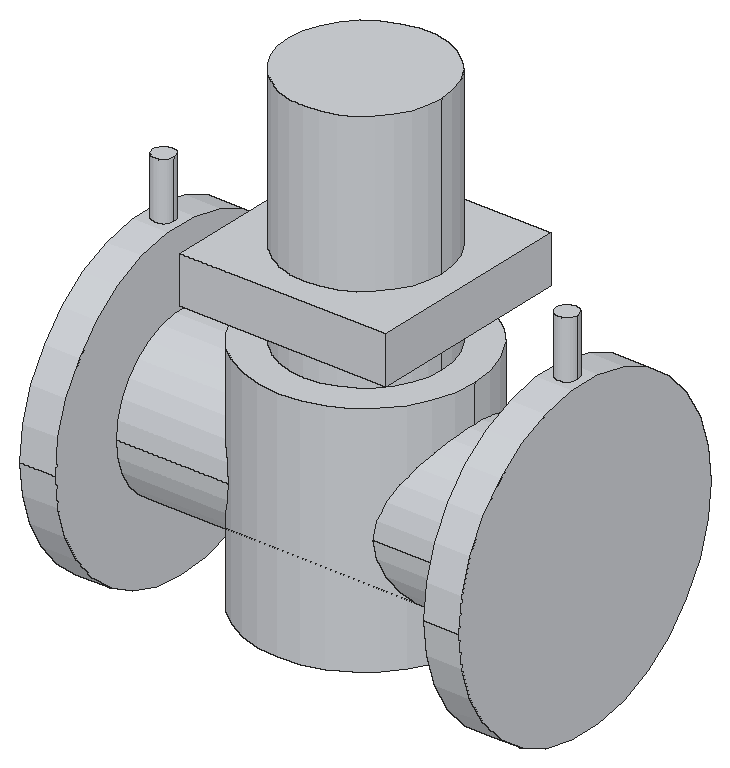
Revit family "PV_Compact_PN16_DN050_(20-100kPa)_RFA_2018", category Pipe Accessories, Revit 2018
Family settings
  Round Connector Dimension = Use Diameter
  Part Type = Valve - Breaks Into
  Work Plane-Based = No
  Always vertical = Yes
  Cut with Voids When Loaded = No
  Shared = No
Parameters (values of type "PV Compact PN16 DN050 (20-100kPa)")
  magiProductId = "00877ad72a9f485bb97ca64af9b4c2"
  magiProductFamilyId = "23d1f353e6b1477a88f64fef0dfa1d"
  magiPartTypeId = 304
  isMeasuringValve [instance] = no
  ang2D [instance] = 0.00°
  W2D = 50 mm
  VersionID = "2.0/2018.12.13.2/FRESE_PV_COMPACT_BIG_Q13_001"
  Use Minimum Symbol Size [instance] = no
  URL = "www.hydronic.cz"
  Type Comments = "PŘÍRUBOVÝ; PN16; dpmax=1000kPa; -10~+120°C"
  R4 = 40.25 mm
  R3 = 42.9 mm
  R1 = 57.5 mm
  QmdConnectorList = "301;D;302;D"
  Productdata [instance] = ""
  Manufacturer = "Hydronic Systems Prague s.r.o."
  Maintenance Zone Under Depth [instance] = 100 mm
  Maintenance Zone Right Depth [instance] = 100 mm
  Maintenance Zone Over Depth [instance] = 100 mm
  Maintenance Zone Left Depth [instance] = 100 mm
  Maintenance Zone Front Depth [instance] = 100 mm
  Maintenance Zone Back Depth [instance] = 100 mm
  Maintenance Zone Front Visibility [instance] = no
  MC Use Limits From Balancing Method = no
  MC Throttling Minimum Value = 0
  MC Throttling Maximum Value = 0
  MC Product Code = "53-3300 DN50 PN16; nastavitelný rozsah dp=20~100kPa; Q=3,2~13 m3/h;  kvs=29"
  MC Pressure Drop Minimum Value = 0.0 Pa
  MC Pressure Drop Maximum Value = 0.0 Pa
  MC Piping Given Pressure Drop [instance] = 0.0 Pa
  LF__ve = -LF  # -18.4 mm
  LF2 = 9.2 mm
  LF = 18.4 mm
  L4 = 108.1 mm
  L3 = 193.2 mm
  L2D_Min = 30.48 mm
  L2D = 230 mm
  L2 = 115 mm
  H6 = 82.25 mm
  H4 = 24.75 mm
  H3 = 20.625 mm
  H2 = 61.875 mm
  H1 = 123.75 mm
  Description = "Nastavitelný regulátor tlakové diference"
  DF2 = 82.5 mm
  D = 50 mm
  Clearance Zone Height Depth [instance] = 100 mm
  Clearance Zone Circular Radius [instance] = 115 mm
  Clearance Zone Visibility [instance] = no
  CAT0 = yes
Types (7, lengths in mm): name | magiProductId | Type Comments | R4 | R3 | R1 | MC Product Code | LF__ve | LF2 | LF | L4 | L3 | L2 | H6 | H4 | H3 | H2 | H1 | DF2 | D | Clearance Zone Circular Radius
  PV Compact PN16 DN050 (20-100kPa) | "00877ad72a9f485bb97ca64af9b4c2" | "PŘÍRUBOVÝ; PN16; dpmax=1000kPa; -10~+120°C" | 40.25 | 42.9 | 57.5 | "53-3300 DN50 PN16; nastavitelný rozsah dp=20~100kPa; Q=3,2~13 m3/h;  kvs=29" | -18.4 | 9.2 | 18.4 | 108.1 | 193.2 | 115 | 82.25 | 24.75 | 20.625 | 61.875 | 123.75 | 82.5 | 50 | 115
  PV Compact PN16 DN065 (20-100kPa) | "4caf92840fdb43d88ad3b460526bbd" | "PŘÍRUBOVÝ; PN16; dpmax=1000kPa; -10~+120°C" | 50.75 | 48.1 | 72.5 | "53-3303 DN65 PN16; nastavitelný rozsah dp=20~100kPa; Q=4,7~18,8 m3/h;  kvs=42" | -23.2 | 11.6 | 23.2 | 136.3 | 243.6 | 145 | 105.25 | 27.75 | 23.125 | 69.375 | 138.75 | 92.5 | 65 | 145
  PV Compact PN16 DN080 (20-100kPa) | "fe1ae4728650433e927a6ac465ecb1" | "PŘÍRUBOVÝ; PN16; dpmax=1000kPa; -10~+120°C" | 54.25 | 52 | 77.5 | "53-3306 DN80 PN16; nastavitelný rozsah dp=20~100kPa; Q=7,5~30 m3/h;  kvs=67" | -24.8 | 12.4 | 24.8 | 145.7 | 260.4 | 155 | 141 | 30 | 25 | 75 | 150 | 100 | 80 | 155
  PV Compact PN16 DN100 (20-100kPa) | "9ee8abb4b353443d9e820e5bd3bf33" | "PŘÍRUBOVÝ; PN16; dpmax=1000kPa; -10~+120°C" | 61.25 | 61.1 | 87.5 | "53-3309 DN100 PN16; nastavitelný rozsah dp=20~100kPa; Q=12,9~51,4 m3/h;  kvs=115" | -28 | 14 | 28 | 164.5 | 294 | 175 | 234.75 | 35.25 | 29.375 | 88.125 | 176.25 | 117.5 | 100 | 175
  PV Compact PN16 DN125 (20-100kPa) | "e22e3bcdfcda477085ce507150ab41" | "PŘÍRUBOVÝ; PN16; dpmax=1000kPa; -10~+120°C" | 70 | 70.2 | 100 | "53-3312 DN125 PN16; nastavitelný rozsah dp=20~100kPa; Q=19,0~76,0 m3/h;  kvs=170" | -32 | 16 | 32 | 188 | 336 | 200 | 225.5 | 40.5 | 33.75 | 101.25 | 202.5 | 135 | 125 | 200
  PV Compact PN16 DN150 (20-100kPa) | "c042f62d475c462ea84624600fc620" | "PŘÍRUBOVÝ; PN16; dpmax=1000kPa; -10~+120°C" | 84 | 74.1 | 120 | "53-3315 DN150 PN16; nastavitelný rozsah dp=20~100kPa; Q=28,0~112 m3/h;  kvs=250" | -38.4 | 19.2 | 38.4 | 225.6 | 403.2 | 240 | 256.25 | 42.75 | 35.625 | 106.875 | 213.75 | 142.5 | 150 | 240
  PV Compact PN16 DN200 (20-100kPa) | "073b87d1a570497386745af6d59d88" | "PŘÍRUBOVÝ; PN16; dpmax=1000kPa; -10~+110°C" | 105 | 98.8 | 150 | "53-3318 DN200 PN16; nastavitelný rozsah dp=20~100kPa; Q=30,7~123 m3/h;  kvs=275" | -48 | 24 | 48 | 282 | 504 | 300 | 150 | 57 | 47.5 | 142.5 | 285 | 190 | 200 | 300
Reference planes
  plane 1 "Center (Front/Back)": y = 0
  plane 2 "XYPLANE": z = 0
  plane 3 "Center (Left/Right)": x = 0
  plane 4 "257": y = -82.5
  plane 5 "256": y = 82.5
  plane 6 "255": z = -82.5
  plane 7 "254": y = -182.5
  plane 8 "253": y = 182.5
  plane 9 "252": x = -215
  plane 10 "251": x = 215
  plane 11 "250": z = 289.5
  plane 12 "249": z = -182.5
  plane 13 "248": z = 289.5
  plane 14 "247": z = 189.5
  plane 15 "157": x = 105.8
  plane 16 "156": x = -105.8
  plane 17 "155": z = 82.5
  plane 18 "154": z = 107.25
  plane 19 "153": z = 82.5
  plane 20 "152": z = 61.875
  plane 21 "151": x = -96.6
  plane 22 "150": z = -61.875
  plane 23 "149": x = 0
  plane 24 "148": y = 0
  plane 25 "147": z = 0
  plane 26 "146": x = -115
  plane 27 "145": x = 115
Forms (mm)
  Blend 1, solid, visible <- "Maintenance Zone Front Visibility"
    base sketch origin (-750, 0, -182.5) x (1, 0, 0) y (0, 1, 0)
      loop
        line (535, 182.5) -> (535, -182.5) -> (965, -182.5) -> (965, 182.5) -> (535, 182.5)
    top sketch origin (-750, 0, -182.5) x (1, 0, 0) y (0, 1, 0)
      loop
        line (535, 182.5) -> (535, -182.5) -> (965, -182.5) -> (965, 182.5) -> (535, 182.5)
    from 0 to 472
  Blend 2, solid, visible <- "Clearance Zone Visibility"
    base sketch origin (-750, 0, 0) x (1, 0, 0) y (0, 1, 0)
      loop
        circle (750, 0) r 115
    top sketch origin (-750, 0, 0) x (1, 0, 0) y (0, 1, 0)
      loop
        circle (750, 0) r 115
    from 0 to 289.5
  Extrusion 3, solid, visible <- "CAT0"
    sketch origin (-750, 0, 82.5) x (1, 0, 0) y (0, 1, 0)
      loop
        circle (855.8, 0) r 5.5
    from 0 to 30
  Extrusion 4, solid, visible <- "CAT0"
    sketch origin (-750, 0, 82.5) x (1, 0, 0) y (0, 1, 0)
      loop
        circle (644.2, 0) r 5.5
    from 0 to 30
  Extrusion 5, solid
    sketch origin (-750, 0, 107.25) x (1, 0, 0) y (0, 1, 0)
      loop
        circle (750, 0) r 40.25
    from 0 to 82.25 <- "H6"
  Extrusion 6, solid, visible <- "CAT0"
    sketch origin (-750, 0, 82.5) x (1, 0, 0) y (0, 1, 0)
      loop
        line (804.05, 54.05) -> (695.95, 54.05) -> (695.95, -54.05) -> (804.05, -54.05) -> (804.05, 54.05)
    from 0 to 24.75 <- "H4"
  Extrusion 7, solid, visible <- "CAT0"
    sketch origin (-750, 0, 61.875) x (1, 0, 0) y (0, 1, 0)
      loop
        circle (750, 0) r 40.25
    from 0 to 20.625 <- "H3"
  Extrusion 8, solid, visible <- "CAT0"
    sketch origin (-96.6, -750, 0) x (0, 1, 0) y (0, 0, 1)
      loop
        circle (750, 0) r 42.9
    from 0 to 193.2 <- "L3"
  Extrusion 9, solid, visible <- "CAT0"
    sketch origin (-750, 0, -61.875) x (1, 0, 0) y (0, 1, 0)
      loop
        circle (750, 0) r 57.5
    from 0 to 123.75 <- "H1"
  Extrusion 10, solid, visible <- "CAT0"
    sketch origin (-115, -750, 0) x (0, 1, 0) y (0, 0, 1)
      loop
        circle (750, 0) r 82.5
    from 0 to 18.4 <- "LF"
  Extrusion 11, solid, visible <- "CAT0"
    sketch origin (115, -750, 0) x (0, 1, 0) y (0, 0, 1)
      loop
        circle (750, 0) r 82.5
    from 0 to -18.4 <- "LF__ve"
  Extrusion 12, solid, not visible
    sketch origin (-115, -750, 0) x (0, 1, 0) y (0, 0, 1)
      loop
        circle (750, 0) r 10
    from 0 to 10
  Extrusion 13, solid, not visible
    sketch origin (115, -750, 0) x (0, 1, 0) y (0, 0, 1)
      loop
        circle (750, 0) r 10
    from 0 to -10
Lines and regions (mm)
  reference lines, not visible
    curve 1: circle (2, 2, 0) r 1 normal (0, 0, 1)
  reference lines
    curve 2: circle (0, 0, 82.5) r 1 normal (0, 0, 1)
Dimensions and locks
  plane 1 "Center (Front/Back)" to curve 1 = 2 mm
  "DF2": plane 24 "148" to plane 4 "257"
  "DF2": plane 24 "148" to plane 5 "256"
  "DF2": plane 25 "147" to plane 6 "255"
  "Maintenance Zone Front Depth": plane 4 "257" to plane 7 "254"
  "Maintenance Zone Back Depth": plane 5 "256" to plane 8 "253"
  "Maintenance Zone Left Depth": plane 26 "146" to plane 9 "252"
  "Maintenance Zone Right Depth": plane 27 "145" to plane 10 "251"
  "Maintenance Zone Over Depth": plane 14 "247" to plane 11 "250"
  "Maintenance Zone Under Depth": plane 6 "255" to plane 12 "249"
  "Clearance Zone Height Depth": plane 14 "247" to plane 13 "248"
  "H6": plane 18 "154" to plane 14 "247"
  "LF2": plane 27 "145" to plane 15 "157"
  "LF2": plane 26 "146" to plane 16 "156"
  "DF2": plane 2 "XYPLANE" to plane 17 "155"
  "H4": plane 19 "153" to plane 18 "154"
  "H3": plane 20 "152" to plane 19 "153"
  "H1": plane 22 "150" to plane 20 "152"
  "LF": plane 26 "146" to plane 21 "151"
  "H2": plane 2 "XYPLANE" to plane 22 "150"
  locked: plane 3 "Center (Left/Right)" to plane 23 "149"
  locked: plane 1 "Center (Front/Back)" to plane 24 "148"
  locked: plane 2 "XYPLANE" to plane 25 "147"
  "L2": plane 3 "Center (Left/Right)" to plane 26 "146"
  "L2": plane 3 "Center (Left/Right)" to plane 27 "145"
  Blend 1 sketch curve to Blend 1 sketch curve = 0 mm  (x16)
  equal spacing: Extrusion 6 sketch curve, curve 2, Extrusion 6 sketch curve  (x2)
  "L4": Extrusion 6 sketch curve to Extrusion 6 sketch curve  (x2)
  Extrusion 6 sketch curve to Extrusion 6 sketch curve = 0 mm  (x8)
  "Clearance Zone Circular Radius": radius of Blend 2 sketch curve  (x2)
  "R4": radius of Extrusion 5 sketch curve
  "R4": radius of Extrusion 7 sketch curve
  "R3": radius of Extrusion 8 sketch curve
  "R1": radius of Extrusion 9 sketch curve
  "DF2": radius of Extrusion 10 sketch curve
  "DF2": radius of Extrusion 11 sketch curve
  aligned and locked: level to plane 2 "XYPLANE"
  aligned and locked: Blend 1 sketch curve to plane 8 "253"  (x2)
  aligned and locked: plane 9 "252" to Blend 1 sketch curve  (x4)
  aligned and locked: plane 10 "251" to Blend 1 sketch curve  (x4)
  aligned and locked: plane 8 "253" to Blend 1 sketch curve  (x2)
  aligned and locked: plane 7 "254" to Blend 1 sketch curve  (x4)
  aligned and locked: plane 11 "250" to Blend 1
  aligned and locked: plane 23 "149" to Blend 2 sketch curve  (x2)
  aligned and locked: plane 24 "148" to Blend 2 sketch curve  (x2)
  aligned and locked: plane 13 "248" to Blend 2
  aligned and locked: plane 15 "157" to Extrusion 3 sketch curve
  aligned and locked: plane 24 "148" to Extrusion 3 sketch curve
  aligned and locked: plane 16 "156" to Extrusion 4 sketch curve
  aligned and locked: plane 24 "148" to Extrusion 4 sketch curve
  aligned and locked: plane 23 "149" to Extrusion 5 sketch curve
  aligned and locked: plane 24 "148" to Extrusion 5 sketch curve
  aligned and locked: plane 23 "149" to curve 2
  aligned and locked: plane 24 "148" to curve 2
  aligned and locked: plane 23 "149" to Extrusion 7 sketch curve
  aligned and locked: plane 24 "148" to Extrusion 7 sketch curve
  aligned and locked: Extrusion 8 sketch curve to plane 24 "148"
  aligned and locked: plane 25 "147" to Extrusion 8 sketch curve
  aligned and locked: plane 23 "149" to Extrusion 9 sketch curve
  aligned and locked: plane 24 "148" to Extrusion 9 sketch curve
  aligned and locked: Extrusion 10 sketch curve to plane 24 "148"
  aligned and locked: plane 25 "147" to Extrusion 10 sketch curve
  aligned and locked: Extrusion 11 sketch curve to plane 24 "148"
  aligned and locked: plane 25 "147" to Extrusion 11 sketch curve
  aligned and locked: Extrusion 12 sketch curve to plane 24 "148"
  aligned and locked: plane 25 "147" to Extrusion 12 sketch curve
  aligned and locked: Extrusion 13 sketch curve to plane 24 "148"
  aligned and locked: plane 25 "147" to Extrusion 13 sketch curve
Automatic sketch dimensions
  Extrusion 3 sketch curve to plane 15 "157" = 5.5 mm
  plane 26 "146" to Extrusion 4 sketch curve = 3.7 mm
  plane 1 "Center (Front/Back)" to Extrusion 12 sketch curve = 10 mm
  plane 1 "Center (Front/Back)" to Extrusion 13 sketch curve = 10 mm
  plane 3 "Center (Left/Right)" to curve 1 = 2 mm
  plane 21 "151" to Extrusion 6 sketch curve = 42.55 mm
  plane 4 "257" to Extrusion 6 sketch curve = 28.45 mm
  radius of curve 2 = 1 mm
  radius of curve 1 = 1 mm
Connectors
  piping at (-115, 0, 0), diameter 50, driven by "D"
    settings: on Extrusion 12, index 1, connector inside diameter 609.6 mm, connector length 0 mm, flow factor 0, pipe flow 0.0 L/s, pressure drop 0.0 Pa, fitting loss kfactor 0, connector angle 0.00°, fixture units 0, engagement length 0 mm, angle of deflection 0.00°, flow configuration 0, flow direction 0, fitting loss method 0, system type 29, joint type 0, gender type 0, connector reference index 2, connector utility 0, adjustable connector no, is connector primary yes, connector description ""
  piping at (115, 0, 0), diameter 50, driven by "D"
    settings: on Extrusion 13, index 2, connector inside diameter 609.6 mm, connector length 0 mm, flow factor 0, pipe flow 0.0 L/s, pressure drop 0.0 Pa, fitting loss kfactor 0, connector angle 0.00°, fixture units 0, engagement length 0 mm, angle of deflection 0.00°, flow configuration 0, flow direction 0, fitting loss method 0, system type 29, joint type 0, gender type 0, connector reference index 1, connector utility 0, adjustable connector no, is connector primary no, connector description ""
